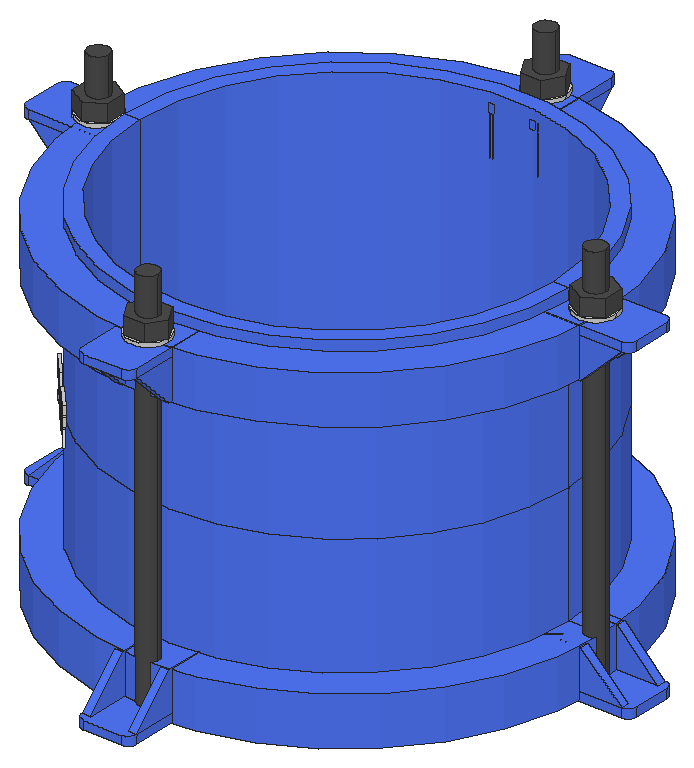
Revit family "601-A-009-DN65-200", category Pipe Accessories, Revit 2019
Family settings
  Round Connector Dimension = Use Diameter
  Part Type = Valve - Breaks Into
  Work Plane-Based = No
  Always vertical = Yes
  Cut with Voids When Loaded = No
  Shared = No
Parameters (values of type "DN200_218-242")
  W2 = (D3 / 2) - 5 mm  # 173.5 mm
  W1 = 32 mm  # constant formula
  URL_product_pages = "https://www.avkvalves.com/P.aspx?no=6012420006100"
  Search_Table = "601-A-009-DN65-200"
  PCD = size_lookup(Search_Table, "PCD", 0 mm, DN)  # 291 mm
  L1 = size_lookup(Search_Table, "L1", 0 mm, DN)  # 140 mm
  L = size_lookup(Search_Table, "L", 0 mm, DN)  # 236.5 mm
  ID = DN / 2  # 100 mm
  F = 5 mm  # constant formula
  Description_ = "AVK UNIVERSAL SUPA® STRAIGHT COUPLING"
  DN_ref = size_lookup(Search_Table, "DN2", 0 mm, DN) / 2  # 121 mm
  DN200_218-242 = "601-242-000-6100"
  DN2 = size_lookup(Search_Table, "DN2", 0 mm, DN)  # 242 mm
  DN175_193-215 = "601-215-000-6100"
  DN150_176-201 = "601-201-000-6100"
  DN150_157-183 = "601-183-000-6100"
  DN125_132-157 = "601-157-000-6100"
  DN100_109-133 = "601-133-000-6100"
  DN080_99-119 = "601-119-000-6100"
  DN080_84-106 = "601-106-000-6100"
  DN065_68-85 = "601-085-000-6100"
  DN = 200 mm
  D3 = size_lookup(Search_Table, "D3", 0 mm, DN)  # 357 mm
  D2 = size_lookup(Search_Table, "D2", 0 mm, DN)  # 130 mm
  D = size_lookup(Search_Table, "D1", 0 mm, DN) / 2  # 150 mm
  Body_height_ref = Body_height - 12 mm  # 197 mm
  Body_height = size_lookup(Search_Table, "Body_height", 0 mm, DN)  # 209 mm
  B2 = Body_height / 2  # 104.5 mm
Types (10, lengths in mm): name | W2 | PCD | L1 | L | ID | DN_ref | DN2 | DN080_84-106 | DN | D3 | D2 | D | Body_height_ref | Body_height | B2
  (no name) | 173.5 | 291 | 140 | 236.5 | 100 | 121 | 242 | "601-106-000-6100" | 200 | 357 | 130 | 150 | 197 | 209 | 104.5
  DN065_68-85 | 105 | 185 | 100 | 196.5 | 32.5 | 42.5 | 85 | "601-074-000-6100" | 65 | 220 | 52 | 80 | 152 | 164 | 82
  DN080_84-106 | 108 | 190 | 100 | 196.5 | 40 | 53 | 106 | "601-074-000-6100" | 80 | 226 | 60 | 77 | 154 | 166 | 83
  DN080_99-119 | 108 | 190 | 100 | 196.5 | 40.05 | 59.5 | 119 | "601-074-000-6100" | 80.1 | 226 | 67 | 77 | 154 | 166 | 83
  DN100_109-133 | 117 | 208 | 100 | 196.5 | 50 | 66.5 | 133 | "601-074-000-6100" | 100 | 244 | 77.5 | 93 | 157 | 169 | 84.5
  DN125_132-157 | 130 | 235 | 100 | 196.5 | 62.5 | 78.5 | 157 | "601-106-000-6100" | 125 | 270 | 88 | 106 | 157 | 169 | 84.5
  DN150_157-183 | 145 | 264 | 115 | 216.5 | 75 | 91.5 | 183 | "601-106-000-6100" | 150 | 300 | 100 | 120 | 173 | 185 | 92.5
  DN150_176-201 | 145 | 264 | 115 | 216.5 | 75.05 | 100.5 | 201 | "601-106-000-6100" | 150.1 | 300 | 108 | 120 | 173 | 185 | 92.5
  DN175_193-215 | 158.5 | 281 | 115 | 216.5 | 87.5 | 107.5 | 215 | "601-106-000-6100" | 175 | 327 | 115 | 134 | 171 | 183 | 91.5
  DN200_218-242 | 173.5 | 291 | 140 | 236.5 | 100 | 121 | 242 | "601-106-000-6100" | 200 | 357 | 130 | 150 | 197 | 209 | 104.5
Reference planes
  plane 1 "Center (Front/Back)": y = 0
  plane 2: z = 0
  plane 3 "Center (Left/Right)": x = 0
  plane 4: y = 178.5
  plane 5: x = -16
  plane 6: x = 16
  plane 7: y = 16
  plane 8: y = 16
  plane 9: x = 178.5
  plane 10: y = -16
  plane 11: y = -16
  plane 12: x = -16
  plane 13: y = -178.5
  plane 14: x = 16
  plane 15: x = -11
  plane 16: y = 173.5
  plane 17: x = 11
  plane 18: y = 173.5
  plane 19: x = 173.5
  plane 20: y = 11
  plane 21: y = -11
  plane 22: x = 173.5
  plane 23: x = -173.5
  plane 24: y = 11
  plane 25: y = -11
  plane 26: x = -173.5
  plane 27: y = -173.5
  plane 28: x = 11
  plane 29: x = -11
  plane 30: y = -173.5
  plane 31: x = -178.5
  plane 32: y = -16
  plane 33: y = 16
  plane 34: x = 16
  plane 35: x = -16
  plane 36: x = 145.5
  plane 37: x = -145.5
  plane 38: y = 145.5
  plane 39: y = -145.5
  plane 40: z = 98.5
  plane 41: z = -98.5
  plane 42: z = -104.5
  plane 43: z = 132
  plane 44: z = 98.5
Forms (mm)
  Revolve 1, solid, material "Plastic"
    sketch origin (0, 0, 0) x (1, 0, 0) y (0, 0, 1)
      loop
        line (0, 104.5) -> (0, -104.5) -> (130, -104.5) -> (130, -98.5) -> (150, -98.5) -> (150, -70) -> (130, -70) -> (130, 0) -> (130, 70) -> (150, 70) -> (150, 98.5) -> (130, 98.5) -> (130, 104.5) -> (0, 104.5)
      axis (0, -104.5) -> (0, 104.5)
    angle from 0 to 360
  Extrusion 2, solid, material "Plastic"
    sketch origin (0, 0, 0) x (1, 0, 0) y (0, 1, 0)
      loop
        arc (-11, 178.5) -> (-14.536, 177.036) -> (-16, 173.5) r 5
        line (-16, 173.5) -> (-16, 16) -> (-173.5, 16)
        arc (-173.5, 16) -> (-177.036, 14.536) -> (-178.5, 11) r 5
        line (-178.5, 11) -> (-178.5, -11)
        arc (-178.5, -11) -> (-177.036, -14.536) -> (-173.5, -16) r 5
        line (-173.5, -16) -> (-16, -16) -> (-16, -173.5)
        arc (-16, -173.5) -> (-14.536, -177.036) -> (-11, -178.5) r 5
        line (-11, -178.5) -> (11, -178.5)
        arc (11, -178.5) -> (14.536, -177.036) -> (16, -173.5) r 5
        line (16, -173.5) -> (16, -16) -> (173.5, -16)
        arc (173.5, -16) -> (177.036, -14.536) -> (178.5, -11) r 5
        line (178.5, -11) -> (178.5, 11)
        arc (178.5, 11) -> (177.036, 14.536) -> (173.5, 16) r 5
        line (173.5, 16) -> (16, 16) -> (16, 173.5)
        arc (16, 173.5) -> (14.536, 177.036) -> (11, 178.5) r 5
        line (11, 178.5) -> (-11, 178.5)
    from 93.5 to 98.5
  Extrusion 3, solid, material "Plastic"
    sketch origin (0, 0, 0) x (1, 0, 0) y (0, 1, 0)
      loop
        line (16, 16) -> (16, 173.5)
        arc (16, 173.5) -> (14.536, 177.036) -> (11, 178.5) r 5
        line (11, 178.5) -> (-11, 178.5)
        arc (-11, 178.5) -> (-14.536, 177.036) -> (-16, 173.5) r 5
        line (-16, 173.5) -> (-16, 16) -> (-173.5, 16)
        arc (-173.5, 16) -> (-177.036, 14.536) -> (-178.5, 11) r 5
        line (-178.5, 11) -> (-178.5, -11)
        arc (-178.5, -11) -> (-177.036, -14.536) -> (-173.5, -16) r 5
        line (-173.5, -16) -> (-16, -16) -> (-16, -173.5)
        arc (-16, -173.5) -> (-14.536, -177.036) -> (-11, -178.5) r 5
        line (-11, -178.5) -> (11, -178.5)
        arc (11, -178.5) -> (14.536, -177.036) -> (16, -173.5) r 5
        line (16, -173.5) -> (16, -16) -> (173.5, -16)
        arc (173.5, -16) -> (177.036, -14.536) -> (178.5, -11) r 5
        line (178.5, -11) -> (178.5, 11)
        arc (178.5, 11) -> (177.036, 14.536) -> (173.5, 16) r 5
        line (173.5, 16) -> (16, 16)
    from -98.5 to -93.5
  Extrusion 4, solid, material "Plastic"
    sketch origin (0, 0, 0) x (1, 0, 0) y (0, 0, 1)
      loop
        line (-173.5, 93.5) -> (-150, 70) -> (150, 70) -> (173.5, 93.5) -> (-173.5, 93.5)
      loop
        line (-173.5, -93.5) -> (173.5, -93.5) -> (150, -70) -> (-150, -70) -> (-173.5, -93.5)
    from 11 to 16
  Extrusion 5, solid, material "Plastic"
    sketch origin (0, 0, 0) x (1, 0, 0) y (0, 0, 1)
      loop
        line (-173.5, 93.5) -> (-150, 70) -> (150, 70) -> (173.5, 93.5) -> (-173.5, 93.5)
      loop
        line (150, -70) -> (-150, -70) -> (-173.5, -93.5) -> (173.5, -93.5) -> (150, -70)
    from -16 to -11
  Extrusion 6, solid, material "Plastic"
    sketch origin (0, 0, 0) x (0, 1, 0) y (0, 0, 1)
      loop
        line (150, -70) -> (-150, -70) -> (-173.5, -93.5) -> (173.5, -93.5) -> (150, -70)
      loop
        line (173.5, 93.5) -> (-173.5, 93.5) -> (-150, 70) -> (150, 70) -> (173.5, 93.5)
    from 16 to 11
  Extrusion 7, solid, material "Plastic"
    sketch origin (0, 0, 0) x (0, 1, 0) y (0, 0, 1)
      loop
        line (173.5, 93.5) -> (-173.5, 93.5) -> (-150, 70) -> (150, 70) -> (173.5, 93.5)
      loop
        line (173.5, -93.5) -> (150, -70) -> (-150, -70) -> (-173.5, -93.5) -> (173.5, -93.5)
    from -16 to -11
  Extrusion 8, solid, material "Stainless Steel AISI 304"
    sketch origin (0, 0, 0) x (1, 0, 0) y (0, 1, 0)
      loop
        circle (145.5, 0) r 6
      loop
        circle (-145.5, 0) r 6
      loop
        circle (0, 145.5) r 6
      loop
        circle (0, -145.5) r 6
    from -93.5 to 132
  Extrusion 9, solid, material "Stainless Steel AISI 304(1)"
    sketch origin (0, 0, 0) x (1, 0, 0) y (0, 1, 0)
      loop
        circle (-145.5, 0) r 12
      loop
        circle (145.5, 0) r 12
      loop
        circle (0, 145.5) r 12
      loop
        circle (0, -145.5) r 12
    from 98.5 to 100.5
  Extrusion 10, solid, material "Stainless Steel AISI 304"
    sketch origin (0, 0, 0) x (1, 0, 0) y (0, 1, 0)
      loop
        line (145.5, 11.998) -> (135.328, 5.999) -> (135.328, -5.999) -> (145.718, -11.998) -> (156.109, -5.999) -> (156.109, 5.999) -> (145.5, 11.998)
      loop
        line (11.995, 145.5) -> (5.997, 155.536) -> (-5.997, 155.536) -> (-11.995, 145.148) -> (-5.997, 134.76) -> (5.997, 134.76) -> (11.995, 145.5)
      loop
        line (11.995, -145.5) -> (5.997, -134.76) -> (-5.997, -134.76) -> (-11.995, -145.148) -> (-5.997, -155.536) -> (5.997, -155.536) -> (11.995, -145.5)
      loop
        line (-145.5, 11.998) -> (-156.109, 5.999) -> (-156.109, -5.999) -> (-145.718, -11.998) -> (-135.328, -5.999) -> (-135.328, 5.999) -> (-145.5, 11.998)
    from 100.5 to 110.5
  Revolve 11, solid, material "Stainless Steel AISI 304"
    sketch origin (0, 0, 0) x (1, 0, 0) y (0, 0, 1)
      loop
        line (145.5, -98.5) -> (145.5, -104.5)
        arc (145.5, -104.5) -> (153.585, -102.961) -> (160.5, -98.5) r 21.517
        line (160.5, -98.5) -> (145.5, -98.5)
      axis (145.5, -104.5) -> (145.5, -98.5)
    angle from 0 to 360
  Revolve 12, solid, material "Stainless Steel AISI 304"
    sketch origin (0, 0, 0) x (-1, 0, 0) y (0, 0, 1)
      loop
        line (145.5, -98.5) -> (145.5, -104.5)
        arc (145.5, -104.5) -> (153.585, -102.961) -> (160.5, -98.5) r 21.517
        line (160.5, -98.5) -> (145.5, -98.5)
      axis (145.5, -104.5) -> (145.5, -98.5)
    angle from 0 to 360
  Revolve 13, solid, material "Stainless Steel AISI 304"
    sketch origin (0, 0, 0) x (0, 1, 0) y (0, 0, 1)
      loop
        line (-145.5, -98.5) -> (-160.5, -98.5)
        arc (-160.5, -98.5) -> (-153.616, -103.039) -> (-145.5, -104.5) r 20.511
        line (-145.5, -104.5) -> (-145.5, -98.5)
      axis (-145.5, -104.5) -> (-145.5, -98.5)
    angle from 0 to 360
  Revolve 14, solid, material "Stainless Steel AISI 304"
    sketch origin (0, 0, 0) x (0, -1, 0) y (0, 0, 1)
      loop
        line (-145.5, -98.5) -> (-160.5, -98.5)
        arc (-160.5, -98.5) -> (-153.616, -103.039) -> (-145.5, -104.5) r 20.511
        line (-145.5, -104.5) -> (-145.5, -98.5)
      axis (-145.5, -104.5) -> (-145.5, -98.5)
    angle from 0 to 360
  Revolve 15, void
    sketch origin (0, 0, 0) x (1, 0, 0) y (0, 0, 1)
      loop
        line (0, 110.5) -> (0, -104.5) -> (121, -104.5) -> (121, 110.5) -> (0, 110.5)
      axis (0, -104.5) -> (0, 110.5)
    angle from 0 to 360
Cuts and joins
  Revolve 15 cuts Revolve 1
  Revolve 15 cuts Extrusion 2
  Revolve 15 cuts Extrusion 3
  Revolve 15 cuts Extrusion 4
  Revolve 15 cuts Extrusion 5
  Revolve 15 cuts Extrusion 6
  Revolve 15 cuts Extrusion 7
Dimensions and locks
  "L1": Revolve 1 sketch curve to Revolve 1 sketch curve
  equal spacing: Revolve 1 sketch curve, level, Revolve 1 sketch curve  (x2)
  "D": Revolve 1 sketch curve to plane 3 "Center (Left/Right)"
  "D2": Revolve 1 sketch curve to Revolve 1 sketch curve
  locked: plane 17 to plane 6 at 5
  locked: plane 4 to plane 18 at 5
  locked: plane 5 to plane 15 at 5
  locked: plane 4 to plane 16 at 5
  locked: plane 19 to plane 9 at 5
  locked: plane 8 to plane 20 at 5
  locked: plane 21 to plane 10 at 5
  locked: plane 22 to plane 9 at 5
  locked: plane 31 to plane 23 at 5
  locked: plane 7 to plane 24 at 5
  locked: plane 25 to plane 11 at 5
  locked: plane 31 to plane 26 at 5
  locked: plane 30 to plane 13 at 5
  locked: plane 27 to plane 13 at 5
  locked: plane 12 to plane 29 at 5
  locked: plane 28 to plane 14 at 5
  equal spacing: plane 5, plane 3 "Center (Left/Right)", plane 6
  equal spacing: plane 7, plane 1 "Center (Front/Back)", plane 11
  equal spacing: plane 8, plane 1 "Center (Front/Back)", plane 10
  equal spacing: plane 12, plane 3 "Center (Left/Right)", plane 14
  "W1": plane 5 to plane 6
  "W1": plane 8 to plane 10
  "W1": plane 12 to plane 14
  "W1": plane 7 to plane 11
  equal spacing: plane 4, plane 1 "Center (Front/Back)", plane 13
  equal spacing: plane 31, plane 3 "Center (Left/Right)", plane 9
  "D3": plane 31 to plane 9
  "D3": plane 4 to plane 13
  equal spacing: plane 36, plane 3 "Center (Left/Right)", plane 37
  "PCD": plane 36 to plane 37
  equal spacing: plane 38, plane 1 "Center (Front/Back)", plane 39
  "PCD": plane 38 to plane 39
  locked: Revolve 1 sketch curve to Revolve 1 sketch curve at 6  (x2)
  "Body_height": Revolve 1 sketch curve to Revolve 1 sketch curve
  equal spacing: plane 40, level, plane 41
  "Body_height_ref": plane 40 to plane 41
  "F": Extrusion 3 to plane 41
  "F": plane 40 to Extrusion 2
  equal spacing: Extrusion 4 sketch curve, plane 3 "Center (Left/Right)", Extrusion 4 sketch curve  (x4)
  "W2": Extrusion 4 sketch curve to plane 3 "Center (Left/Right)"  (x2)
  "D": Extrusion 4 sketch curve to plane 3 "Center (Left/Right)"  (x2)
  "F": Extrusion 4 to plane 32
  "F": plane 33 to Extrusion 5
  equal spacing: Extrusion 6 sketch curve, plane 1 "Center (Front/Back)", Extrusion 6 sketch curve  (x4)
  "W2": Extrusion 6 sketch curve to plane 1 "Center (Front/Back)"  (x2)
  "D": Extrusion 6 sketch curve to plane 1 "Center (Front/Back)"  (x2)
  "F": plane 34 to Extrusion 6
  equal spacing: Extrusion 7 sketch curve, plane 1 "Center (Front/Back)", Extrusion 7 sketch curve  (x4)
  "W2": plane 1 "Center (Front/Back)" to Extrusion 7 sketch curve  (x2)
  "D": plane 1 "Center (Front/Back)" to Extrusion 7 sketch curve  (x2)
  "F": Extrusion 7 to plane 35
  equal spacing: Extrusion 8 sketch curve, plane 3 "Center (Left/Right)", Extrusion 8 sketch curve
  "PCD": Extrusion 8 sketch curve to Extrusion 8 sketch curve  (x2)
  equal spacing: Extrusion 8 sketch curve, plane 1 "Center (Front/Back)", Extrusion 8 sketch curve
  "B2": level to plane 42
  "L": plane 43 to plane 42
  equal spacing: Extrusion 9 sketch curve, plane 3 "Center (Left/Right)", Extrusion 9 sketch curve
  equal spacing: Extrusion 9 sketch curve, plane 1 "Center (Front/Back)", Extrusion 9 sketch curve
  "PCD": Extrusion 9 sketch curve to Extrusion 9 sketch curve  (x2)
  locked: Extrusion 9 to plane 40 at 2
  locked: Extrusion 10 to Extrusion 9 at 10
  equal spacing: Extrusion 10 sketch curve, plane 1 "Center (Front/Back)", Extrusion 10 sketch curve
  equal spacing: Extrusion 10 sketch curve, plane 3 "Center (Left/Right)", Extrusion 10 sketch curve
  "PCD": Extrusion 10 sketch curve to Extrusion 10 sketch curve  (x2)
  "DN_ref": Revolve 15 sketch curve to Revolve 15 sketch curve
  cut or joined group of Revolve 1, Revolve 15 to cut or joined group of Revolve 1, Revolve 15 = 140 mm
  aligned and locked: level to plane 2
  aligned and locked: Revolve 1 sketch curve to Revolve 1 sketch curve  (x5)
  aligned and locked: Revolve 1 sketch curve to plane 3 "Center (Left/Right)"
  aligned and locked: plane 4 to Extrusion 2 sketch curve  (x2)
  aligned and locked: Extrusion 2 sketch curve to plane 15
  aligned and locked: plane 16 to Extrusion 2 sketch curve
  aligned and locked: plane 5 to Extrusion 2 sketch curve  (x2)
  aligned and locked: Extrusion 2 sketch curve to plane 17
  aligned and locked: Extrusion 2 sketch curve to plane 18
  aligned and locked: plane 6 to Extrusion 2 sketch curve  (x2)
  aligned and locked: Extrusion 2 sketch curve to plane 20
  aligned and locked: plane 9 to Extrusion 2 sketch curve  (x2)
  aligned and locked: Extrusion 2 sketch curve to plane 8
  aligned and locked: plane 19 to Extrusion 2 sketch curve
  aligned and locked: Extrusion 2 sketch curve to plane 21
  aligned and locked: Extrusion 2 sketch curve to plane 10
  aligned and locked: plane 22 to Extrusion 2 sketch curve
  aligned and locked: Extrusion 2 sketch curve to plane 14
  aligned and locked: plane 27 to Extrusion 2 sketch curve
  aligned and locked: plane 13 to Extrusion 2 sketch curve  (x2)
  aligned and locked: plane 28 to Extrusion 2 sketch curve
  aligned and locked: plane 29 to Extrusion 2 sketch curve
  aligned and locked: Extrusion 2 sketch curve to plane 30
  aligned and locked: Extrusion 2 sketch curve to plane 12
  aligned and locked: plane 7 to Extrusion 2 sketch curve  (x2)
  aligned and locked: plane 23 to Extrusion 2 sketch curve
  aligned and locked: plane 24 to Extrusion 2 sketch curve
  aligned and locked: plane 31 to Extrusion 2 sketch curve  (x2)
  aligned and locked: Extrusion 2 sketch curve to plane 25
  aligned and locked: plane 11 to Extrusion 2 sketch curve  (x2)
  aligned and locked: plane 26 to Extrusion 2 sketch curve
  aligned and locked: plane 12 to Extrusion 2 sketch curve
  aligned and locked: plane 14 to Extrusion 2 sketch curve
  aligned and locked: plane 10 to Extrusion 2 sketch curve
  aligned and locked: plane 8 to Extrusion 2 sketch curve
  aligned and locked: Extrusion 3 sketch curve to Extrusion 2  (x12)
  aligned and locked: Extrusion 2 to plane 40
  aligned and locked: plane 41 to Extrusion 3
  aligned and locked: Extrusion 4 sketch curve to Extrusion 2
  aligned and locked: Extrusion 4 sketch curve to Revolve 1  (x2)
  aligned and locked: Extrusion 3 to Extrusion 4 sketch curve
  aligned and locked: Extrusion 4 to Extrusion 2
  aligned and locked: Extrusion 5 sketch curve to Extrusion 4  (x6)
  aligned and locked: Extrusion 5 sketch curve to Revolve 1  (x2)
  aligned and locked: Extrusion 2 to Extrusion 5
  aligned and locked: Extrusion 6 sketch curve to Extrusion 3
  aligned and locked: Extrusion 6 sketch curve to Revolve 1
  aligned and locked: Extrusion 2 to Extrusion 6
  aligned and locked: Extrusion 2 to Extrusion 7 sketch curve
  aligned and locked: Extrusion 7 sketch curve to Revolve 1  (x2)
  aligned and locked: Extrusion 7 sketch curve to Extrusion 3
  aligned and locked: Extrusion 2 to Extrusion 7
  aligned and locked: Extrusion 8 to Extrusion 3
  aligned and locked: plane 43 to Extrusion 8
  aligned and locked: Extrusion 9 to Revolve 1
  aligned and locked: Extrusion 10 to Extrusion 9
  aligned and locked: Revolve 11 sketch curve to plane 36
  aligned and locked: Extrusion 3 to Revolve 11 sketch curve
  aligned and locked: Revolve 11 sketch curve to Revolve 11 sketch curve
  aligned and locked: Revolve 12 sketch curve to Revolve 12 sketch curve
  aligned and locked: Revolve 12 sketch curve to Extrusion 3
  aligned and locked: Revolve 12 sketch curve to plane 37
  aligned and locked: Extrusion 3 to Revolve 13 sketch curve
  aligned and locked: plane 39 to Revolve 13 sketch curve
  aligned and locked: Revolve 13 sketch curve to Revolve 13 sketch curve
  aligned and locked: Revolve 14 sketch curve to Revolve 14 sketch curve
  aligned and locked: Revolve 14 sketch curve to Extrusion 3
  aligned and locked: Revolve 14 sketch curve to plane 38
  aligned and locked: Revolve 15 sketch curve to Extrusion 10
  aligned and locked: plane 3 "Center (Left/Right)" to Revolve 15 sketch curve
  aligned and locked: Revolve 15 sketch curve to Revolve 15 sketch curve
  aligned and locked: cut or joined group of Extrusion 2, Revolve 15 to Extrusion 6 sketch curve
  aligned and locked: Extrusion 6 sketch curve to cut or joined group of Revolve 1, Revolve 15
Automatic sketch dimensions
  Revolve 11 sketch curve to plane 42 = 0 mm
  plane 36 to Revolve 11 sketch curve = 0.093 mm
  Revolve 11 sketch curve to Revolve 11 sketch curve = 15 mm
  Revolve 11 sketch curve to Revolve 11 sketch curve = 1.27 mm
  plane 41 to Revolve 11 sketch curve = 1.568 mm
  Revolve 12 sketch curve to plane 42 = 0 mm
  plane 37 to Revolve 12 sketch curve = 0.093 mm
  plane 37 to Revolve 12 sketch curve = 15 mm
  Revolve 12 sketch curve to plane 42 = 1.27 mm
  Revolve 12 sketch curve to Revolve 12 sketch curve = 1.568 mm
  Revolve 13 sketch curve to plane 42 = 0 mm
  plane 39 to Revolve 13 sketch curve = 0.498 mm
  plane 39 to Revolve 13 sketch curve = 15 mm
  Revolve 13 sketch curve to Revolve 13 sketch curve = 1.978 mm
  plane 41 to Revolve 13 sketch curve = 1.625 mm
  Revolve 14 sketch curve to plane 42 = 0 mm
  plane 38 to Revolve 14 sketch curve = 0.498 mm
  plane 38 to Revolve 14 sketch curve = 15 mm
  Revolve 14 sketch curve to plane 42 = 1.978 mm
  Revolve 14 sketch curve to plane 41 = 1.625 mm
  Revolve 1 sketch curve to level = 0 mm
  Revolve 1 sketch curve to level = 22 mm
  level to Revolve 1 sketch curve = 38 mm
  Extrusion 8 sketch curve to plane 3 "Center (Left/Right)" = 0 mm  (x2)
  plane 1 "Center (Front/Back)" to Extrusion 8 sketch curve = 0 mm  (x2)
  Extrusion 9 sketch curve to plane 3 "Center (Left/Right)" = 0 mm  (x2)
  plane 1 "Center (Front/Back)" to Extrusion 9 sketch curve = 0 mm  (x2)
  Extrusion 10 sketch curve to plane 37 = 0.218 mm
  Extrusion 10 sketch curve to plane 37 = 10.609 mm
  plane 37 to Extrusion 10 sketch curve = 10.172 mm
  Extrusion 10 sketch curve to plane 39 = 0.352 mm
  plane 35 to Extrusion 10 sketch curve = 4.005 mm  (x2)
  plane 38 to Extrusion 10 sketch curve = 0.352 mm
  Extrusion 10 sketch curve to plane 3 "Center (Left/Right)" = 5.997 mm  (x4)
  plane 3 "Center (Left/Right)" to Extrusion 10 sketch curve = 5.997 mm  (x4)
  Extrusion 10 sketch curve to plane 34 = 4.005 mm  (x2)
  Extrusion 10 sketch curve to plane 36 = 10.172 mm
  plane 36 to Extrusion 10 sketch curve = 0.218 mm
  plane 36 to Extrusion 10 sketch curve = 10.609 mm
  plane 39 to Extrusion 10 sketch curve = 10.036 mm
  Extrusion 10 sketch curve to plane 39 = 10.74 mm
  Extrusion 10 sketch curve to plane 32 = 4.002 mm  (x2)
  plane 1 "Center (Front/Back)" to Extrusion 10 sketch curve = 5.999 mm  (x4)
  Extrusion 10 sketch curve to plane 1 "Center (Front/Back)" = 5.999 mm  (x4)
  plane 33 to Extrusion 10 sketch curve = 4.002 mm  (x2)
  plane 38 to Extrusion 10 sketch curve = 10.74 mm
  Extrusion 10 sketch curve to plane 38 = 10.036 mm
  Revolve 15 sketch curve to plane 42 = 0 mm
  Revolve 15 sketch curve to level = 13.5 mm
  level to Revolve 15 sketch curve = 21.5 mm
  radius of Extrusion 8 sketch curve = 6 mm  (x4)
  radius of Extrusion 9 sketch curve = 12 mm  (x4)
Nested families
  nested 1: "LOGO - Copy - Copy - Copy - Copy" at (-97.531, -85.952, -20) x (0.6612, -0.7502, 0) z (-0.7502, -0.6612, 0), type "LOGO - Copy - Copy - Copy - Copy"
Connectors
  piping at (0, 0, 104.5), diameter 242, driven by "DN2"
    settings: on Revolve 1, index 1, connector inside diameter 609.6 mm, connector length 0 mm, flow factor 0, pipe flow 0.0 L/s, pressure drop 0.0 Pa, fitting loss kfactor 0, connector angle 0.00°, fixture units 0, engagement length 0 mm, angle of deflection 0.00°, flow configuration 0, flow direction 0, fitting loss method 0, system type 19, joint type 0, gender type 0, connector reference index -1, connector utility 0, adjustable connector no, is connector primary yes, connector description ""
  piping at (0, 0, -104.5), diameter 242, driven by "DN2"
    settings: on Revolve 1, index 2, connector inside diameter 609.6 mm, connector length 0 mm, flow factor 0, pipe flow 0.0 L/s, pressure drop 0.0 Pa, fitting loss kfactor 0, connector angle 0.00°, fixture units 0, engagement length 0 mm, angle of deflection 0.00°, flow configuration 0, flow direction 0, fitting loss method 0, system type 19, joint type 0, gender type 0, connector reference index -1, connector utility 0, adjustable connector no, is connector primary no, connector description ""
Definition of nested family "LOGO - Copy - Copy - Copy - Copy"
  Parameters (values of type "LOGO - Copy - Copy - Copy - Copy")
    Default Elevation = 1219.2 mm
  Reference planes
    plane 1 "Center (Front/Back)": y = 0
    plane 2: z = 0
    plane 3 "Center (Left/Right)": x = 0
  Forms (mm)
    Extrusion 1, solid
      sketch origin (0, 0, 0) x (1, 0, 0) y (0, 1, 0)
        loop
          line (-1219.2, 1219.2) -> (-1219.2, -1219.2) -> (1219.2, -1219.2) -> (1219.2, 1219.2) -> (-1219.2, 1219.2)
      from 0 to -304.8
    Extrusion 2, solid
      sketch origin (0, 0, 0) x (1, 0, 0) y (0, 1, 0)
        loop
          line (-6.514, 34.224) -> (-24, 34.224) -> (-24, 29.481) -> (-9.766, 29.481) -> (-2.391, 11.367) -> (2.391, 11.367) -> (9.766, 29.481) -> (24, 29.481) -> (24, 34.224) -> (6.514, 34.224) -> (0, 18.224) -> (-6.514, 34.224)
        loop
          line (-10.996, 27.653) -> (-24, 27.653) -> (-24, 23.081) -> (-19.503, 23.081) -> (-24, 11.367) -> (-18.92, 11.367) -> (-17.955, 13.881) -> (-10.51, 13.881) -> (-9.486, 11.367) -> (-4.365, 11.367) -> (-10.996, 27.653)
        loop
          line (-16.777, 18.224) -> (-12.278, 18.224) -> (-14.594, 23.912) -> (-16.777, 18.224)
        loop
          line (4.365, 11.367) -> (9.486, 11.367) -> (12.093, 17.77) -> (16.918, 11.367) -> (22.857, 11.367) -> (17.399, 18.61)
          arc (17.399, 18.61) -> (20.583, 20.18) -> (22.629, 23.081) r 7.2
          line (22.629, 23.081) -> (24, 23.081) -> (24, 27.653) -> (19.429, 27.653)
          arc (19.429, 27.653) -> (17.763, 23.526) -> (13.699, 21.714) r 5.943
          line (13.699, 21.714) -> (16.117, 27.653) -> (10.996, 27.653) -> (4.365, 11.367)
      from 0 to 1
  Dimensions and locks
    aligned and locked: plane 2 to Extrusion 1
    aligned and locked: level to Extrusion 1
    aligned and locked: Extrusion 2 sketch curve to import instance
